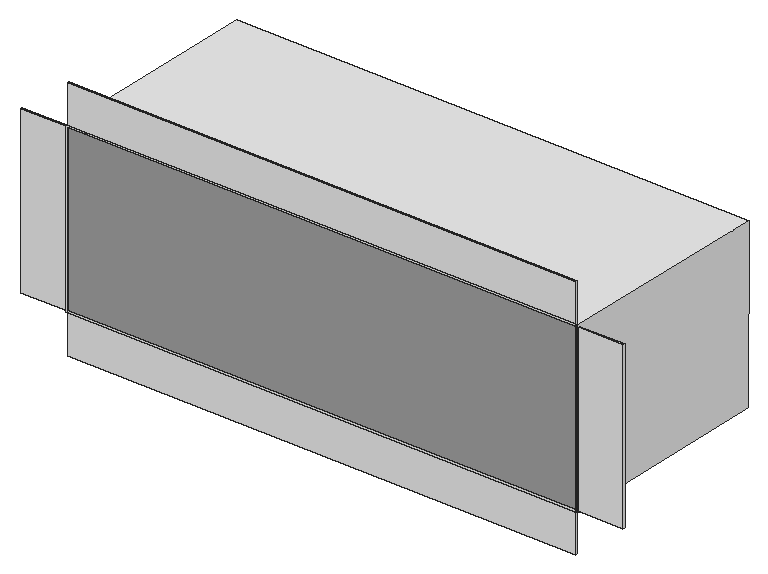
Revit family "09.Wichmann Akustikbox E_WAND", category Mechanical Equipment, host Wall, Revit 2018
Family settings
  Host = Wall
  Round Connector Dimension = Use Diameter
  Classification = None
  Part Type = Normal
  OmniClass Number = 23.30.20.00
  OmniClass Title = Windows
  Always vertical = Yes
  Cut with Voids When Loaded = No
  Shared = No
  Room Calculation Point = No
Parameters (values of type "Akustikbox E, 110x335x140 mm")
  Width = Breite  # 335 mm
  Werkstoff = Stahl
  Höhe = 110 mm
  Height = Höhe  # 110 mm
  H_rohbau = 160 mm
  H_i = 90 mm
  HAN = "ABE110335"
  Breite = 335 mm
  Bautiefe = 140 mm
  B_rohbau = 395 mm
  B_i = 305 mm
Types (6, lengths in mm): name | Width | HAN | Breite | B_rohbau | B_i
  Akustikbox E, 110x240x140 mm | 240 | "ABE110240" | 240 | 300 | 210
  Akustikbox E, 110x280x140 mm | 280 | "ABE110280" | 280 | 340 | 250
  Akustikbox E, 110x335x140 mm | 335 | "ABE110335" | 335 | 395 | 305
  Akustikbox E, 110x435x140 mm | 435 | "ABE110435" | 435 | 495 | 405
  Akustikbox E, 110x535x140 mm | 535 | "ABE110535" | 535 | 595 | 505
  Akustikbox E, 110x640x140 mm | 640 | "ABE110640" | 640 | 700 | 610
Reference planes
  plane 1 "Wall": y = 0
  plane 2 "Center (Left/Right)": x = 125
  plane 3 "Back": y = 150
  plane 4: z = 1024.569
  plane 5: z = 1079.569
  plane 6: x = 292.5
  plane 7: x = 277.5
  plane 8: z = 1034.569
  plane 9: x = -42.5
  plane 10: x = -27.5
  plane 11: z = 1134.569
  plane 12: z = 1124.569
  plane 13: z = 1159.569
  plane 14: x = 322.5
  plane 15: x = -72.5
  plane 16: z = 999.569
  plane 17: y = 290
Forms (mm)
  Extrusion 1, solid, material "Stahl" <- "Werkstoff"
    sketch origin (0, 0, 486) x (1, 0, 0) y (0, 0, 1)
      loop
        line (292.5, 648.569) -> (-42.5, 648.569) -> (-42.5, 538.569) -> (292.5, 538.569) -> (292.5, 648.569)
      loop
        line (291.5, 647.569) -> (-41.5, 647.569) -> (-41.5, 539.569) -> (291.5, 539.569) -> (291.5, 647.569)
    from -290 to -150
  Extrusion 2, solid, material "EasyFoam"
    sketch origin (0, 0, 486) x (1, 0, 0) y (0, 0, 1)
      loop
        line (291.5, 647.569) -> (-41.5, 647.569) -> (-41.5, 539.569) -> (291.5, 539.569) -> (291.5, 647.569)
    from -288.936 to -150
  Extrusion 3, solid, not visible
    sketch origin (81, 0, 597.569) x (0, 0, -1) y (0, 1, 0)
      loop
        line (0, -134) -> (1.043, -134) -> (1.043, -133.063) -> (12.5, -130.97) -> (12.5, -130) -> (0, -130) -> (0, -134)
    from 0 to 88
  Extrusion 4, solid, not visible
    sketch origin (81, 0, 539.569) x (0, 0, 1) y (0, -1, 0)
      loop
        line (0, 134) -> (0, 130) -> (12.5, 130) -> (12.5, 130.97) -> (1.043, 133.063) -> (1.043, 134) -> (0, 134)
    from 0 to 88
  Extrusion 5, solid, not visible
    sketch origin (169, 0, 521.819) x (-1, 0, 0) y (0, -1, 0)
      loop
        line (0, 134) -> (0, 130) -> (14, 130) -> (14, 130.969) -> (1.043, 133.062) -> (1.043, 134) -> (0, 134)
    from 17.75 to 75.75
  Extrusion 6, solid, not visible
    sketch origin (81, 0, 521.819) x (1, 0, 0) y (0, 1, 0)
      loop
        line (0, -134) -> (1.043, -134) -> (1.043, -133.04) -> (14, -130.947) -> (14, -130) -> (0, -130) -> (0, -134)
    from 17.75 to 75.75
  Extrusion 7, solid, material "Brandschutzeinlage", not visible, detail levels medium+fine
    sketch origin (81, 2.5, 597.569) x (0, 0, -1) y (0, 1, 0)
      loop
        line (0, -151.5) -> (1.043, -151.5) -> (1.043, -150.563) -> (12.5, -148.47) -> (12.5, -147.5) -> (0, -147.5) -> (0, -151.5)
    from 0 to 88
  Extrusion 8, solid, material "Brandschutzeinlage", not visible, detail levels medium+fine
    sketch origin (81, 2.5, 539.569) x (0, 0, 1) y (0, -1, 0)
      loop
        line (0, 151.5) -> (0, 147.5) -> (12.5, 147.5) -> (12.5, 148.47) -> (1.043, 150.563) -> (1.043, 151.5) -> (0, 151.5)
    from 0 to 88
  Extrusion 9, solid, material "Brandschutzeinlage", not visible, detail levels medium+fine
    sketch origin (169, 2.5, 521.819) x (-1, 0, 0) y (0, -1, 0)
      loop
        line (0, 151.5) -> (0, 147.5) -> (14, 147.5) -> (14, 148.469) -> (1.043, 150.562) -> (1.043, 151.5) -> (0, 151.5)
    from 17.75 to 75.75
  Extrusion 10, solid, material "Brandschutzeinlage", not visible, detail levels medium+fine
    sketch origin (81, 2.5, 521.819) x (1, 0, 0) y (0, 1, 0)
      loop
        line (0, -151.5) -> (1.043, -151.5) -> (1.043, -150.54) -> (14, -148.447) -> (14, -147.5) -> (0, -147.5) -> (0, -151.5)
    from 17.75 to 75.75
  Sweep 11, solid, material "Stahl" <- "Werkstoff"
    path in 3D
      loop
        line (-41.5, 290, 1133.569) -> (-41.5, 290, 1025.569) -> (291.5, 290, 1025.569) -> (291.5, 290, 1133.569) -> (-41.5, 290, 1133.569)
    profile origin (125, 290, 1133.569) x (0, 1, 0) y (0, 0, -1)
      loop
        line (0, 5) -> (-1.064, 5) -> (-1.064, 0) -> (0, 0) -> (0, 5)
  Sweep 12, solid, material "Stahl" <- "Werkstoff"
    path in 3D
      loop
        line (291.5, 150, 1133.569) -> (291.5, 150, 1025.569)
    profile origin (291.5, 150, 1079.569) x (-1, 0, 0) y (0, -1, 0)
      loop
        line (0, -1) -> (0, 0) -> (-31, 0) -> (-31, -1) -> (0, -1)
  Sweep 13, solid, material "Stahl" <- "Werkstoff"
    path in 3D
      loop
        line (291.5, 150, 1025.569) -> (-41.5, 150, 1025.569)
    profile origin (125, 150, 1025.569) x (0, -1, 0) y (0, 0, 1)
      loop
        line (-1, 0) -> (-1, -26) -> (0, -26) -> (0, 0) -> (-1, 0)
  Sweep 14, solid, material "Stahl" <- "Werkstoff"
    path in 3D
      loop
        line (-41.5, 150, 1025.569) -> (-41.5, 150, 1133.569)
    profile origin (-41.5, 150, 1079.569) x (0, -1, 0) y (1, 0, 0)
      loop
        line (-1, 0) -> (-1, -31) -> (0, -31) -> (0, 0) -> (-1, 0)
  Sweep 15, solid, material "Stahl" <- "Werkstoff"
    path in 3D
      loop
        line (291.5, 150, 1133.569) -> (-41.5, 150, 1133.569)
    profile origin (125, 150, 1133.569) x (0, -1, 0) y (0, 0, 1)
      loop
        line (-1, 0) -> (0, 0) -> (0, 26) -> (-1, 26) -> (-1, 0)
Lines and regions (mm)
  Opening 1
    outline origin (-5000, -150, 486) x (1, 0, 0) y (0, 0, 1)
      loop
        line (5292.5, 648.569) -> (4957.5, 648.569) -> (4957.5, 538.569) -> (5292.5, 538.569) -> (5292.5, 648.569)
  sketch lines
    curve 1: line (291.5, 290, 1133.569) -> (-41.5, 290, 1133.569)
    curve 2: line (291.5, 290, 1025.569) -> (291.5, 290, 1133.569)
    curve 3: line (-41.5, 290, 1133.569) -> (-41.5, 290, 1025.569)
    curve 4: line (-41.5, 290, 1025.569) -> (291.5, 290, 1025.569)
    curve 5: line (291.5, 150, 1133.569) -> (291.5, 150, 1025.569)
    curve 6: line (291.5, 150, 1025.569) -> (-41.5, 150, 1025.569)
    curve 7: line (-41.5, 150, 1025.569) -> (-41.5, 150, 1133.569)
    curve 8: line (291.5, 150, 1133.569) -> (-41.5, 150, 1133.569)
Text (mm)
  text "Placement Side" at (-1848.837, 1116.779, 0), in view "Ref. Level"
  text "Placement side" at (0, 1409.804, 2854.306), in view "Left"
  text "Placement side" at (0, 499.811, 2980.732), in view "Right"
Dimensions and locks
  locked: plane 3 "Back" to host wall
  equal spacing: plane 9, plane 2 "Center (Left/Right)", plane 6
  equal spacing: plane 10, plane 2 "Center (Left/Right)", plane 7
  "B_i": plane 10 to plane 7
  "Breite": plane 9 to plane 6
  equal spacing: plane 15, plane 2 "Center (Left/Right)", plane 14
  "B_rohbau": plane 15 to plane 14
  equal spacing: plane 8, plane 5, plane 12
  "H_i": plane 8 to plane 12
  equal spacing: plane 4, plane 5, plane 11
  "Höhe": plane 4 to plane 11
  equal spacing: plane 16, plane 5, plane 13
  "H_rohbau": plane 16 to plane 13
  locked: Extrusion 1 to plane 11 at 1
  locked: plane 4 to Extrusion 1 at 1
  locked: Extrusion 1 to plane 6 at 1
  locked: Extrusion 1 to plane 9 at 1
  locked: plane 17 to Extrusion 2 at 1.064
  "Bautiefe": plane 17 to plane 3 "Back"
  aligned and locked: plane 1 "Wall" to host wall
  aligned and locked: Extrusion 1 sketch curve to plane 11
  aligned and locked: Extrusion 1 sketch curve to plane 6
  aligned and locked: Extrusion 1 sketch curve to plane 4
  aligned and locked: Extrusion 1 sketch curve to plane 9
  aligned and locked: Extrusion 2 sketch curve to Extrusion 1  (x4)
  aligned and locked: Extrusion 1 to plane 17
  aligned and locked: Extrusion 1 to Sweep 11
  aligned and locked: Extrusion 2 to Sweep 11
  aligned and locked: plane 14 to Sweep 12 sketch curve
  aligned and locked: plane 15 to Sweep 14 sketch curve
  aligned and locked: plane 16 to Sweep 13 sketch curve
  aligned and locked: Extrusion 1 to Extrusion 2
  aligned and locked: Extrusion 1 to host wall
  aligned and locked: Sweep 15 sketch curve to plane 13
  aligned and locked: nested 1 to host wall  (x2)
  aligned and locked: plane 6 to nested 2
  aligned and locked: nested 2 to plane 4
  aligned and locked: plane 9 to nested 2
  aligned and locked: nested 2 to plane 11
  aligned and locked: nested 1 to plane 4
  aligned and locked: nested 1 to plane 11
  aligned and locked: plane 11 to Opening 1 sketch curve
  aligned and locked: plane 9 to Opening 1 sketch curve
  aligned and locked: plane 4 to Opening 1 sketch curve
  aligned and locked: plane 6 to Opening 1 sketch curve
  aligned and locked: plane 9 to nested 3
  aligned and locked: plane 6 to nested 3
  aligned and locked: host wall to nested 3  (x2)
Automatic sketch dimensions
  Extrusion 3 sketch curve to Extrusion 3 sketch curve = 0.97 mm
  Extrusion 4 sketch curve to Extrusion 4 sketch curve = 1.043 mm
  Extrusion 4 sketch curve to Extrusion 4 sketch curve = 0.97 mm
  Extrusion 4 sketch curve to Extrusion 4 sketch curve = 0.937 mm
  Extrusion 5 sketch curve to Extrusion 5 sketch curve = 1.043 mm
  Extrusion 5 sketch curve to Extrusion 5 sketch curve = 0.969 mm
  Extrusion 5 sketch curve to Extrusion 5 sketch curve = 0.938 mm
  Extrusion 6 sketch curve to Extrusion 6 sketch curve = 0.96 mm
  Extrusion 6 sketch curve to Extrusion 6 sketch curve = 1.043 mm
  Extrusion 6 sketch curve to Extrusion 6 sketch curve = 12.957 mm
  Extrusion 6 sketch curve to Extrusion 6 sketch curve = 2.093 mm
  Extrusion 6 sketch curve to Extrusion 6 sketch curve = 3.04 mm
  Extrusion 3 sketch curve to Extrusion 3 sketch curve = 1.043 mm
  Extrusion 3 sketch curve to Extrusion 3 sketch curve = 11.457 mm
  Extrusion 3 sketch curve to Extrusion 3 sketch curve = 0.937 mm
  Extrusion 3 sketch curve to Extrusion 3 sketch curve = 2.093 mm
  Extrusion 4 sketch curve to Extrusion 4 sketch curve = 11.457 mm
  Extrusion 4 sketch curve to Extrusion 4 sketch curve = 3.063 mm
  Extrusion 5 sketch curve to Extrusion 5 sketch curve = 12.957 mm
  Extrusion 5 sketch curve to Extrusion 5 sketch curve = 3.062 mm
  Extrusion 7 sketch curve to Extrusion 7 sketch curve = 0.97 mm
  Extrusion 8 sketch curve to Extrusion 8 sketch curve = 1.043 mm
  Extrusion 8 sketch curve to Extrusion 8 sketch curve = 0.97 mm
  Extrusion 8 sketch curve to Extrusion 8 sketch curve = 0.937 mm
  Extrusion 9 sketch curve to Extrusion 9 sketch curve = 1.043 mm
  Extrusion 9 sketch curve to Extrusion 9 sketch curve = 0.969 mm
  Extrusion 9 sketch curve to Extrusion 9 sketch curve = 0.938 mm
  Extrusion 10 sketch curve to Extrusion 10 sketch curve = 0.96 mm
  Extrusion 10 sketch curve to Extrusion 10 sketch curve = 1.043 mm
  Extrusion 10 sketch curve to Extrusion 10 sketch curve = 12.957 mm
  Extrusion 10 sketch curve to Extrusion 10 sketch curve = 2.093 mm
  Extrusion 10 sketch curve to Extrusion 10 sketch curve = 3.04 mm
  Extrusion 7 sketch curve to Extrusion 7 sketch curve = 1.043 mm
  Extrusion 7 sketch curve to Extrusion 7 sketch curve = 11.457 mm
  Extrusion 7 sketch curve to Extrusion 7 sketch curve = 0.937 mm
  Extrusion 7 sketch curve to Extrusion 7 sketch curve = 2.093 mm
  Extrusion 8 sketch curve to Extrusion 8 sketch curve = 11.457 mm
  Extrusion 8 sketch curve to Extrusion 8 sketch curve = 3.063 mm
  Extrusion 9 sketch curve to Extrusion 9 sketch curve = 12.957 mm
  Extrusion 9 sketch curve to Extrusion 9 sketch curve = 3.062 mm
  plane 9 to Extrusion 1 sketch curve = 1 mm
  plane 6 to Extrusion 1 sketch curve = 1 mm
  plane 4 to Extrusion 1 sketch curve = 1 mm
  plane 11 to Extrusion 1 sketch curve = 1 mm
  profile plane to Sweep 11 sketch curve = 0 mm
  Sweep 11 sketch curve to profile plane = 0 mm
  profile plane to Sweep 11 sketch curve = 1.064 mm
  profile plane to Sweep 11 sketch curve = 5 mm
  Sweep 12 sketch curve to profile plane = 0 mm  (x2)
  profile plane to Sweep 12 sketch curve = 1 mm
  Sweep 14 sketch curve to profile plane = 0 mm  (x2)
  profile plane to Sweep 14 sketch curve = 1 mm
  Sweep 13 sketch curve to profile plane = 0 mm  (x2)
  profile plane to Sweep 13 sketch curve = 1 mm
  Sweep 15 sketch curve to profile plane = 0 mm  (x2)
  profile plane to Sweep 15 sketch curve = 1 mm
Nested families
  nested 1: "Side" at (125, 0, 1079.569) x (0, 1, 0) z (1, 0, 0), type "Side"
    with h 110 mm, b 300 mm
  nested 2: "Front" at (125, 151, 1079.569) x (-1, 0, 0) z (0, 1, 0), type "Front"
    with x 18.333 mm, h 110 mm, b 335 mm
  nested 3: "Side" at (125, 0, 0), type "Side"
    with h 300 mm, b 335 mm
Definition of nested family "Side"
  Parameters (values of type "Side")
    h [instance] = 433.181 mm
    b [instance] = 613.979 mm
  Reference planes
    plane 1 "Center (Front/Back)": y = 0
    plane 2: z = 0
    plane 3 "Center (Left/Right)": x = 0
    plane 4: y = 216.59
    plane 5: x = -306.99
    plane 6: x = 306.99
    plane 7: y = -216.59
  Lines and regions (mm)
    detail lines, in view "Ref. Level"
      curve 1: line (-306.99, 216.59, 0) -> (306.99, 216.59, 0)
      curve 2: line (-306.99, -216.59, 0) -> (-306.99, 216.59, 0)
      curve 3: line (306.99, -216.59, 0) -> (-306.99, -216.59, 0)
      curve 4: line (306.99, 216.59, 0) -> (306.99, -216.59, 0)
      curve 5: line (306.99, -216.59, 0) -> (-306.99, 216.59, 0)
      curve 6: line (-306.99, -216.59, 0) -> (306.99, 216.59, 0)
  Dimensions and locks
    equal spacing: plane 4, plane 1 "Center (Front/Back)", plane 7
    "h": plane 4 to plane 7
    equal spacing: plane 5, plane 3 "Center (Left/Right)", plane 6
    "b": plane 5 to plane 6
    aligned and locked: curve 3 to plane 7
    aligned and locked: plane 6 to curve 4
  Automatic sketch dimensions
    curve 1 to plane 4 = 0 mm
    curve 1 to plane 5 = 0 mm
Definition of nested family "Front"
  Parameters (values of type "Front")
    h [instance] = 433.181 mm
    x [instance] = if(b < h, b, h) / 6  # 72.197 mm
    b [instance] = 613.979 mm
  Reference planes
    plane 1 "Center (Front/Back)": y = 0
    plane 2: z = 0
    plane 3 "Center (Left/Right)": x = 0
    plane 4: y = 216.59
    plane 5: x = -306.99
    plane 6: x = 306.99
    plane 7: y = -216.59
    plane 8: x = -234.793
    plane 9: y = 144.394
  Lines and regions (mm)
    Filled region 1, type "Concrete", in view "Ref. Level"
      outline origin (0, 0, 0) x (1, 0, 0) y (0, 1, 0)
        loop
          line (306.99, 216.59) -> (-306.99, 216.59) -> (-306.99, -216.59) -> (-234.793, 144.394) -> (306.99, 216.59)
    detail lines, in view "Ref. Level"
      curve 1: line (-306.99, 216.59, 0) -> (306.99, 216.59, 0)
      curve 2: line (-306.99, -216.59, 0) -> (-306.99, 216.59, 0)
      curve 3: line (306.99, -216.59, 0) -> (-306.99, -216.59, 0)
      curve 4: line (306.99, 216.59, 0) -> (306.99, -216.59, 0)
  Dimensions and locks
    equal spacing: plane 4, plane 1 "Center (Front/Back)", plane 7
    "h": plane 4 to plane 7
    equal spacing: plane 5, plane 3 "Center (Left/Right)", plane 6
    "b": plane 5 to plane 6
    "x": plane 4 to plane 9
    "x": plane 5 to plane 8
    aligned and locked: plane 9 to Filled region 1 sketch curve
    aligned and locked: plane 8 to Filled region 1 sketch curve
    aligned and locked: curve 1 to Filled region 1
    aligned and locked: curve 2 to Filled region 1
    aligned and locked: curve 3 to plane 7
    aligned and locked: plane 6 to curve 4
  Automatic sketch dimensions
    Filled region 1 sketch curve to plane 4 = 0 mm
    Filled region 1 sketch curve to plane 5 = 0 mm
    Filled region 1 sketch curve to plane 6 = 0 mm
    plane 7 to Filled region 1 sketch curve = 0 mm
